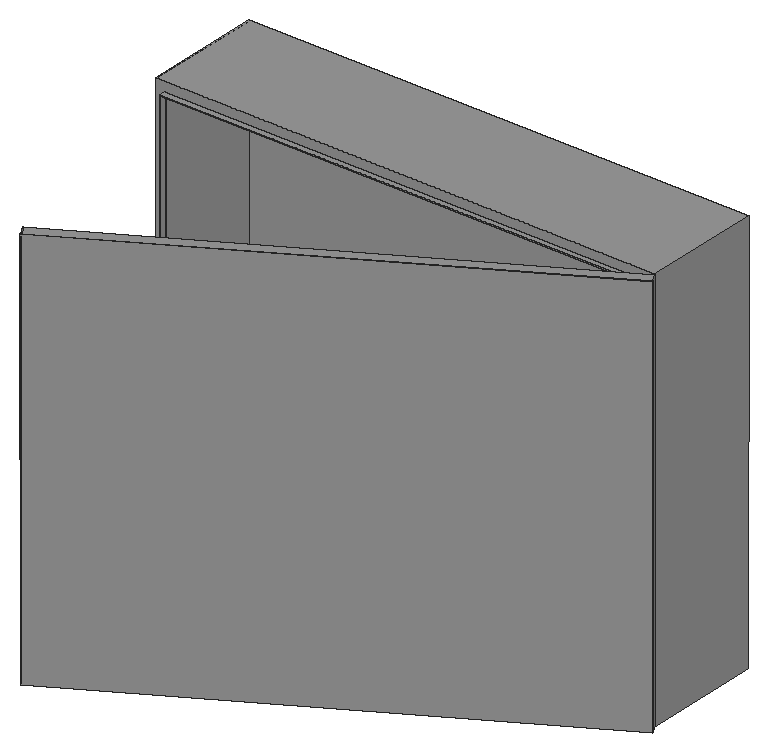
Revit family "Hager-Univers-IP54-D205-H650-Cl.I-Encl-NoHosted-CH-de", category Equipement électrique, Revit 2020
Family settings
  Configuration du panneau = Deux colonnes, circuits au sein
  Cote de connecteur circulaire = Utiliser le diamètre
  Type d'élément = Tableau de raccordement
  Basée sur le plan de construction = Oui
  Toujours verticalement = Oui
  Couper avec des vides une fois chargée = Non
  Partagée = Non
  Point de calcul de pièce = Non
Parameters (values of type "Aufputz IP54 B800 H650 T205  - FP43TW2")
  Width Control [instance] = if([EF000008 - Breite] > Min Width, [EF000008 - Breite], Min Width)  # 800 mm
  Commentaires du type = [HG000003 - Bereich]  # "Univers"
  Thickness Door [instance] = if([EF009171 - Materialstärke Tür/Deckel] > 3 mm, 3 mm, [EF009171 - Materialstärke Tür/Deckel])  # 1 mm
  Seal Frame Offset [instance] = 17 mm  # constant formula
  Plinth Visibility [instance] = [HG000027 - Sockelhöhe] > 0 mm  # no
  Min Width [instance] = 100 mm  # constant formula
  Min Depth [instance] = (2 * [EF009170 - Materialstärke Gehäuse]) + 1 mm  # 3 mm
  Min Height [instance] = 100 mm  # constant formula
  Internal Frame Depth [instance] = (Door System Depth * 0.5)  # 9 mm
  Panel Name [instance] = ""  # (empty or 0)
  Model = ""
  HG000027 - Sockelhöhe = 0 mm
  HG000026 - Stehend auf dem Boden = no
  HG000024 - Höhe des unteren Teils = 600 mm
  HG000023 - Gehäuse mit doppeltem Querschnitt = no
  HG000016 - 3D-Türsichtbarkeit [instance] = yes
  HG000015 - Sichtbarkeit der Türöffnung [instance] = no
  HG000014 - Tür rechts [instance] = yes
  HG000013 - Tür links [instance] = not([HG000014 - Tür rechts])  # no
  HG000012 - Türschwenkwinkel [instance] = 30.00°
  HG000010 - Asymmetrische Türen = no
  HG000009 - Doppelflügeligen Tür = no
  HG000006 - Unterputz = no
  HG000004 - Herstellerreferenz = "FP43TW2"
  HG000003 - Bereich = "Univers"
  HG000002 - Mit tür = yes
  Frame Offset Bottom [instance] = 10 mm  # constant formula
  Frame Offset [instance] = 15 mm  # constant formula
  EF015940 - Deckel mit Überdruckentlastung = no
  EF011959 - Schutzart (NEMA) = ""
  EF009554 - Anzahl der Öffnungen für Flanschplatten = 6
  EF009212 - Ausführung Deckel = "EV000116 - geschlossen"
  EF009171 - Materialstärke Tür/Deckel = 1 mm
  EF009170 - Materialstärke Gehäuse = 1 mm
  EF008873 - Nennstrom (In) = 250 A
  EF007800 - Geeignet für Blitzschutz = no
  EF006306 - Mit Schloss = no
  EF006244 - Transparenter Deckel/Tür = no
  EF005474 - Schutzart (IP) = "EV006419 - IP54"
  EF004464 - Art der Tür = "EV002646 - Einzel"
  EF004427 - Anzahl der Module = 144
  EF004293 - Schlagfestigkeit = "EV006815 - IK09"
  EF003532 - Geeignet für Außengebrauch = no
  EF002950 - Breite in Teilungseinheiten = 36
  EF001613 - Funktionserhalt = "EV000494 - ohne"
  EF001596 - Werkstoff des Gehäuses = "EV000179 - Stahl"
  EF001131 - Innentiefe = 205 mm
  EF001088 - Anbaumöglichkeit = yes
  EF000437 - Anzahl der Leitungseinführungen = 6
  EF000339 - Art der Abdeckung = "EV001012 - Deckel"
  EF000266 - Anzahl der Reihen = 4
  EF000218 - Einbautiefe = 205 mm
  EF000118 - Mit Montageplatte = no
  EF000116 - RAL-Nummer = "9010"
  EF000049 - Tiefe = 205 mm
  EF000040 - Höhe = 650 mm
  EF000008 - Breite = 800 mm
  EF000007 - Farbe = "EV000202 - weiß"
  EF000003 - Montageart = "EV000384 - Aufputz"
  Door System Leaf Tolerance [instance] = 1.5 mm  # constant formula
  Door System Depth [instance] = 18 mm  # constant formula
  Door Height [instance] = Height Control - [HG000027 - Sockelhöhe]  # 650 mm
  Description = ""
  Default Elevation = 1219.2 mm
  Connector Offset [instance] = Height Control / 2  # 325 mm
  Fabricant = "Hager"  # constant formula
  Height Control [instance] = if([EF000040 - Höhe] > Min Height, [EF000040 - Höhe], Min Height)  # 650 mm
  Depth Control [instance] = if([EF000049 - Tiefe] > Min Depth, [EF000049 - Tiefe], Min Depth)  # 205 mm
  Bottom Top Plate Trim [instance] = 1.5 mm  # constant formula
  Plinth height Ctrl [instance] = if([HG000027 - Sockelhöhe] > 0 mm, [HG000027 - Sockelhöhe], 12 mm)  # 12 mm
Types (5, lengths in mm): name | Width Control | HG000004 - Herstellerreferenz | EF009554 - Anzahl der Öffnungen für Flanschplatten | EF004464 - Art der Tür | EF004427 - Anzahl der Module | EF002950 - Breite in Teilungseinheiten | EF000437 - Anzahl der Leitungseinführungen | EF000008 - Breite
  Aufputz IP54 B1050 H650 T205  - FP44TW2 | 1050 | "FP44TW2" | 8 | "EV003602 - Doppel" | 192 | 48 | 8 | 1050
  Aufputz IP54 B1300 H650 T205  - FP45TW2 | 1300 | "FP45TW2" | 10 | "EV003602 - Doppel" | 240 | 60 | 10 | 1300
  Aufputz IP54 B300 H650 T205  - FP41TW2 | 300 | "FP41TW2" | 2 | "EV002646 - Einzel" | 48 | 12 | 2 | 300
  Aufputz IP54 B550 H650 T205  - FP42TW2 | 550 | "FP42TW2" | 4 | "EV002646 - Einzel" | 96 | 24 | 4 | 550
  Aufputz IP54 B800 H650 T205  - FP43TW2 | 800 | "FP43TW2" | 6 | "EV002646 - Einzel" | 144 | 36 | 6 | 800
Reference planes
  plane 1 "Center (Front/Back)": y = 0
  plane 2: z = 0
  plane 3 "Center (Left/Right)": x = 0
  plane 4: y = 0
  plane 5: y = 0
  plane 6: z = 0
  plane 7: x = -400
  plane 8: x = 400
  plane 9: x = 399
  plane 10: x = -399
  plane 11: z = 0
  plane 12: z = 1
  plane 13: y = -205
  plane 14: y = -1
  plane 15: x = 0
  plane 16: y = -187
  plane 17: y = -204
  plane 18: y = -186
  plane 19: x = -384
  plane 20: x = 384
  plane 21: z = 11
  plane 22: x = -383
  plane 23: x = 383
  plane 24: z = 0
  plane 25: z = 650
  plane 26: z = 650
  plane 27: z = 634
  plane 28: z = 649
Forms (mm)
  Extrusion 1, solid, material "Hager_Steel_RAL7035_Light_Grey", detail levels medium+fine
    sketch origin (-208.679, -4572, 0) x (-1, 0, 0) y (0, -1, 0)
      loop
        line (191.321, -4385) -> (-608.679, -4385) -> (-608.679, -4572) -> (191.321, -4572) -> (191.321, -4385)
    from 0 to 650
  Extrusion 2, void
    sketch origin (-350.771, -205, 1219.2) x (1, 0, 0) y (0, 0, 1)
      loop
        line (-48.229, -570.2) -> (-48.229, -1218.2) -> (749.771, -1218.2) -> (749.771, -570.2) -> (-48.229, -570.2)
    from -19 to -204
  Extrusion 3, void
    sketch origin (-290.084, -187, 1219.2) x (1, 0, 0) y (0, 0, 1)
      loop
        line (-93.916, -1208.2) -> (674.084, -1208.2) -> (674.084, -585.2) -> (-93.916, -585.2) -> (-93.916, -1208.2)
    from 0 to -1
  Extrusion 4, solid, material "Hager_Steel_RAL7035_Light_Grey", visible <- "Plinth Visibility", detail levels medium+fine
    sketch origin (0, 0, 0) x (1, 0, 0) y (0, 1, 0)
      loop
        line (-400, 0) -> (-400, -187) -> (400, -187) -> (400, 0) -> (-400, 0)
    from 0 to 12 <- "Plinth height Ctrl"
  Extrusion 5, solid, material "Hager_Steel_RAL7035_Light_Grey", detail levels coarse
    sketch origin (0, 0, 0) x (1, 0, 0) y (0, 1, 0)
      loop
        line (-400, 0) -> (-400, -205) -> (400, -205) -> (400, 0) -> (-400, 0)
    from 0 to 650 <- "Height Control"
  Sweep 6, void
    path in 3D
      loop
        line (-400, -187, 12) -> (400, -187, 12) -> (400, 0, 12) -> (-400, 0, 12) -> (-400, -187, 12)
    profile origin (-400, -93.5, 12) x (1, 0, 0) y (0, 0, 1)
      loop
        line (0, 0) -> (0, -1.5) -> (1.5, -1.5)
        arc (1.5, -1.5) -> (1.061, -0.439) -> (0, 0) r 1.5
  Extrusion 7, solid, material "Hager_Steel_RAL7035_Light_Grey", detail levels fine
    sketch origin (-400, -187, 0) x (1, 0, 0) y (0, 0, 1)
      loop
        line (16, 11) -> (784, 11) -> (784, 634) -> (16, 634) -> (16, 11)
      loop
        line (15, 10) -> (785, 10) -> (785, 635) -> (15, 635) -> (15, 10)
    from 0 to 9 <- "Internal Frame Depth"
Cuts and joins
  Extrusion 2, Extrusion 3 cuts Extrusion 1
  Sweep 6 cuts Extrusion 4
Lines and regions (mm)
  Masking region 1
    outline origin (0, 0, 0) x (1, 0, 0) y (0, 1, 0)
      loop
        line (-400, 0) -> (-400, -205) -> (400, -205) -> (400, 0) -> (-400, 0)
  Masking region 2, detail levels coarse
    outline origin (-290.084, -187, 1219.2) x (-1, 0, 0) y (0, 0, 1)
      loop
        line (-690.084, -1219.2) -> (109.916, -1219.2) -> (109.916, -569.2) -> (-690.084, -569.2) -> (-690.084, -1219.2)
  Masking region 3, detail levels coarse
    outline origin (0, 0, 0) x (0, 1, 0) y (0, 0, 1)
      loop
        line (0, 0) -> (0, 650) -> (-205, 650) -> (-205, 0) -> (0, 0)
  Masking region 4, visible <- "Plinth Visibility", detail levels medium+fine
    outline origin (0, 0, 0) x (0, 1, 0) y (0, 0, 1)
      loop
        line (-1.5, 12) -> (-185.5, 12)
        arc (-185.5, 12) -> (-185.939, 10.939) -> (-187, 10.5) r 1.5
        line (-187, 10.5) -> (-187, 0) -> (0, 0) -> (0, 10.5)
        arc (0, 10.5) -> (-1.061, 10.939) -> (-1.5, 12) r 1.5
  Masking region 5, detail levels medium+fine
    outline origin (0, 0, 594.038) x (0, 1, 0) y (0, 0, 1)
      loop
        line (0, -594.038) -> (0, 55.962) -> (-187, 55.962) -> (-187, -594.038) -> (0, -594.038)
  Masking region 6, detail levels medium+fine
    outline origin (-359.7, -187, 1211.883) x (-1, 0, 0) y (0, 0, 1)
      loop
        line (-759.7, -1211.883) -> (40.3, -1211.883) -> (40.3, -561.883) -> (-759.7, -561.883) -> (-759.7, -1211.883)
  Masking region 7, visible <- "Plinth Visibility", detail levels medium+fine
    outline origin (-320.334, -187, 1041.368) x (-1, 0, 0) y (0, 0, 1)
      loop
        line (-720.334, -1041.368) -> (79.666, -1041.368) -> (79.666, -1030.868)
        arc (79.666, -1030.868) -> (78.606, -1030.429) -> (78.166, -1029.368) r 1.5
        line (78.166, -1029.368) -> (-718.834, -1029.368)
        arc (-718.834, -1029.368) -> (-719.273, -1030.429) -> (-720.334, -1030.868) r 1.5
        line (-720.334, -1030.868) -> (-720.334, -1041.368)
  sketch lines
    curve 1: line (-400, 0, 12) -> (-400, -187, 12)
    curve 2: line (-400, -187, 12) -> (400, -187, 12)
    curve 3: line (400, 0, 12) -> (-400, 0, 12)
    curve 4: line (400, -187, 12) -> (400, 0, 12)
Dimensions and locks
  locked: plane 1 "Center (Front/Back)" to plane 5
  "EF009170 - Materialstärke Gehäuse": plane 7 to plane 10
  "EF009170 - Materialstärke Gehäuse": plane 8 to plane 9
  equal spacing: plane 7, plane 3 "Center (Left/Right)", plane 8
  "Width Control": plane 7 to plane 8
  "Depth Control": plane 4 to plane 13
  "EF009170 - Materialstärke Gehäuse": plane 4 to plane 14
  "Height Control": plane 25 to level
  "HG000027 - Sockelhöhe": plane 11 to level
  "EF009170 - Materialstärke Gehäuse": plane 12 to plane 11
  "EF009170 - Materialstärke Gehäuse": plane 17 to plane 13
  "EF009170 - Materialstärke Gehäuse": plane 18 to plane 16
  "Frame Offset Bottom": plane 21 to plane 12
  "Frame Offset": plane 10 to plane 19
  "Frame Offset": plane 9 to plane 20
  "Door System Depth": plane 16 to plane 13
  "Seal Frame Offset": plane 7 to plane 22
  "Seal Frame Offset": plane 8 to plane 23
  "EF009170 - Materialstärke Gehäuse": plane 26 to plane 28
  "Frame Offset": plane 28 to plane 27
  "Connector Offset": plane 2 to connector elem
  "Bottom Top Plate Trim": profile plane to Sweep 6 sketch curve
  "Bottom Top Plate Trim": Sweep 6 sketch curve to Sweep 6 sketch curve
  "Plinth height Ctrl": Masking region 4 sketch curve to level
  "Plinth height Ctrl": Masking region 7 sketch curve to level
  "Thickness Door": Extrusion 7 sketch curve to Extrusion 7 sketch curve  (x4)
  "Bottom Top Plate Trim": radius of Sweep 6 sketch curve
  "Bottom Top Plate Trim": radius of Masking region 4 sketch curve  (x2)
  "Bottom Top Plate Trim": radius of Masking region 7 sketch curve  (x2)
  aligned and locked: Extrusion 2 sketch curve to plane 12
  aligned and locked: Extrusion 2 sketch curve to plane 9
  aligned and locked: Extrusion 2 sketch curve to plane 10
  aligned and locked: Extrusion 2 to plane 14
  aligned and locked: Extrusion 1 sketch curve to plane 4
  aligned and locked: plane 8 to Extrusion 1 sketch curve
  aligned and locked: plane 7 to Extrusion 1 sketch curve
  aligned and locked: Extrusion 2 to plane 18
  aligned and locked: Extrusion 3 sketch curve to plane 19
  aligned and locked: plane 20 to Extrusion 3 sketch curve
  aligned and locked: Extrusion 3 to Extrusion 2
  aligned and locked: Extrusion 3 sketch curve to plane 21
  aligned and locked: plane 3 "Center (Left/Right)" to nested 1
  aligned and locked: Extrusion 1 sketch curve to plane 16
  aligned and locked: Extrusion 4 sketch curve to cut or joined group of Extrusion 1, Extrusion 2, Extrusion 3
  aligned and locked: Masking region 1 sketch curve to plane 7
  aligned and locked: Masking region 1 sketch curve to plane 5
  aligned and locked: Masking region 1 sketch curve to plane 8
  aligned and locked: Masking region 2 sketch curve to level
  aligned and locked: level to Masking region 3 sketch curve
  aligned and locked: plane 1 "Center (Front/Back)" to Masking region 3 sketch curve
  aligned and locked: plane 13 to Masking region 3 sketch curve
  aligned and locked: plane 5 to Masking region 4 sketch curve
  aligned and locked: Masking region 2 sketch curve to plane 8
  aligned and locked: Masking region 2 sketch curve to plane 7
  aligned and locked: plane 7 to nested 2
  aligned and locked: nested 2 to plane 5
  aligned and locked: plane 5 to Masking region 5 sketch curve
  aligned and locked: plane 26 to Masking region 5 sketch curve
  aligned and locked: Extrusion 5 sketch curve to plane 8
  aligned and locked: Extrusion 5 sketch curve to plane 7
  aligned and locked: Extrusion 5 sketch curve to plane 5
  aligned and locked: Extrusion 3 sketch curve to plane 27
  aligned and locked: Extrusion 2 sketch curve to plane 28
  aligned and locked: Masking region 2 to plane 25
  aligned and locked: Extrusion 4 to plane 16
  aligned and locked: profile plane to Sweep 6 sketch curve
  aligned and locked: Masking region 5 sketch curve to plane 24
  aligned and locked: level to Masking region 4 sketch curve
  aligned and locked: Masking region 1 to plane 13
  aligned and locked: nested 1 to plane 16
  aligned and locked: Masking region 3 to plane 25
  aligned and locked: plane 16 to Masking region 4 sketch curve
  aligned and locked: Masking region 5 sketch curve to plane 16
  aligned and locked: plane 24 to plane 11
  aligned and locked: plane 26 to plane 25
  aligned and locked: plane 26 to cut or joined group of Extrusion 1, Extrusion 2, Extrusion 3
  aligned and locked: nested 1 to plane 24
  aligned and locked: Extrusion 1 to Extrusion 3
  aligned and locked: Masking region 6 sketch curve to plane 8
  aligned and locked: Masking region 6 sketch curve to plane 24
  aligned and locked: Masking region 6 sketch curve to plane 7
  aligned and locked: Masking region 6 sketch curve to plane 26
  aligned and locked: Masking region 7 sketch curve to plane 7
  aligned and locked: level to Masking region 7 sketch curve
  aligned and locked: Masking region 7 sketch curve to plane 8
  aligned and locked: Extrusion 7 sketch curve to cut or joined group of Extrusion 1, Extrusion 2, Extrusion 3  (x4)
Automatic sketch dimensions
  plane 19 to Extrusion 3 sketch curve = 0 mm
  Extrusion 3 sketch curve to plane 20 = 0 mm
  Extrusion 3 sketch curve to plane 21 = 0 mm
  Extrusion 4 sketch curve to plane 7 = 0 mm
  Extrusion 4 sketch curve to plane 8 = 0 mm
  Extrusion 4 sketch curve to plane 16 = 0 mm
  Masking region 1 sketch curve to plane 13 = 0 mm
  Masking region 2 sketch curve to plane 25 = 0 mm
  Masking region 3 sketch curve to plane 25 = 0 mm
  Extrusion 5 sketch curve to plane 13 = 0 mm
  profile plane to Sweep 6 sketch curve = 0 mm
Nested families
  nested 1: "EC000058_Univers_Door" at (0, -187, 0), Double <- "HG000009 - Doppelflügeligen Tür", Transparent <- "EF006244 - Transparenter Deckel/Tür", Angle <- "HG000012 - Türschwenkwinkel", Door_Right <- "HG000014 - Tür rechts", Assymetrical <- "HG000010 - Asymmetrische Türen", Door <- "HG000002 - Mit tür", Width_Ctrl <- "Width Control", 3d_Door <- "HG000016 - 3D-Türsichtbarkeit", Clearance <- "HG000015 - Sichtbarkeit der Türöffnung", Door_Left <- "HG000013 - Tür links", Width <- "Width Control", Door_Depth <- "Door System Depth", Leaf_Tolerance <- "Door System Leaf Tolerance", Height <- "Door Height", Lock_Visibility <- "EF006306 - Mit Schloss", Thickness <- "Thickness Door", type "EC000058_Univers_Door", detail levels medium+fine
    with min_wh 3 mm, Width_Ctrl 800 mm, Width 800 mm, Transparent no, Thickness 1 mm, Seal_Material Hager_Rubber, Lock_Visibility no, Lock_Material Hager_Plastic_RAL9005_Jet_Black, Leaf_Width 800 mm, Leaf_Tolerance_External_Sides 0 mm, Leaf_Tolerance 1.5 mm, Leaf_Offset 0 mm, Leaf_Height 647 mm, Leaf_2_Width 800 mm, Leaf_2_Offset 400 mm, Leaf_1_Width 800 mm, Leaf_1_Offset 400 mm, Height_Ctrl 650 mm, Height 650 mm, Glass_Material Hager_Glass, Double_Clearance_Ctrl no, Double no, Door_Right_Ctrl yes, Door_Right yes, Door_Material Hager_Steel_RAL7035_Light_Grey, Door_Left_Ctrl no, Door_Left no, Door_Depth 18 mm, Door yes, Clearance_Material Hager_Clearance, Clearance_Depth 800 mm, Clearance_Ctrl no, Clearance no, Assymetrical no, Angle 30.00°, 3d_Door yes
  nested 2: "Hager_Enclosure_Symbol" at (-400, 0, 0), Height <- "Depth Control", Width <- "Width Control", type "Hager_Enclosure_Symbol"
    with Width_Ctrl 800 mm, Width 800 mm, Height_Ctrl 205 mm, Height 205 mm, A_Width_Int 13.453 mm, A_Width 161.438 mm, A_Height_Ctrl 179.375 mm, A_Height 179.375 mm
Connectors
  electrical at (0, 0, 325)
    settings: on plane 1 "Center (Front/Back)", index 1, voltage 0 V, apparent load 0 VA, apparent load phase1 0 VA, apparent load phase2 0 VA, apparent load phase3 0 VA, power factor 1, load classification "Other", number of poles 1, system type 30, power factor state 1, is connector primary yes, connector utility no, sub classification motor no, connector description ""
Definition of nested family "EC000058_Univers_Door"
  Parameters (values of type "EC000058_Univers_Door")
    min_wh [instance] = (2 * Thickness) + 1 mm  # 11 mm
    Width_Ctrl [instance] = 400 mm
    Width [instance] = 500 mm
    Transparent [instance] = yes
    Thickness [instance] = 5 mm
    Seal_Material [instance] = none
    Lock_Visibility [instance] = yes
    Lock_Material [instance] = none
    Leaf_Width [instance] = if((Width_Ctrl - 2 * Leaf_Tolerance_External_Sides) > 0 mm, (Width_Ctrl - 2 * Leaf_Tolerance_External_Sides), min_wh)  # 400 mm
    Leaf_Tolerance_External_Sides [instance] = 0 mm  # constant formula
    Leaf_Tolerance [instance] = 1.5 mm
    Leaf_Offset [instance] = 0 mm  # constant formula
    Leaf_Height [instance] = if((Height_Ctrl - 2 * Leaf_Tolerance) > 0 mm, (Height_Ctrl - 2 * Leaf_Tolerance), min_wh)  # 497 mm
    Leaf_2_Width [instance] = if(and(and(Double, Assymetrical), Door_Left), (Leaf_Width / 3) - (Leaf_Tolerance / 2), if(and(and(Double, Assymetrical), Door_Right), (Leaf_Width / 3) * 2 - (Leaf_Tolerance / 2), if(and(Double, not(Assymetrical)), (Leaf_Width / 2) - Leaf_Tolerance, Leaf_Width)))  # 400 mm
    Leaf_2_Offset [instance] = if(and(Double, Assymetrical), Leaf_2_Width / 2, if(and(Double, not(Assymetrical)), Leaf_Width / 4, Leaf_Width / 2))  # 200 mm
    Leaf_1_Width [instance] = if(and(and(Double, Assymetrical), Door_Right), (Leaf_Width / 3) - (Leaf_Tolerance / 2), if(and(and(Double, Assymetrical), Door_Left), (Width / 3) * 2 - (Leaf_Tolerance / 2), if(and(Double, not(Assymetrical)), (Leaf_Width / 2) - Leaf_Tolerance, Leaf_Width)))  # 400 mm
    Leaf_1_Offset [instance] = if(and(Double, Assymetrical), Leaf_1_Width / 2, if(and(Double, not(Assymetrical)), Leaf_Width / 4, Leaf_Width / 2))  # 200 mm
    Height_Ctrl [instance] = if(Height > min_wh, Height, min_wh)  # 500 mm
    Height [instance] = 500 mm
    Glass_Material [instance] = none
    Double_Clearance_Ctrl [instance] = and(Double, Clearance)  # no
    Double [instance] = no
    Door_Right_Ctrl [instance] = and(or(Door_Right, Double), Door)  # yes
    Door_Right [instance] = yes
    Door_Material [instance] = none
    Door_Left_Ctrl [instance] = and(or(Door_Left, Double), Door)  # no
    Door_Left [instance] = no
    Door_Depth [instance] = 30 mm
    Door [instance] = yes
    Default Elevation = 1219.2 mm
    Clearance_Material [instance] = none
    Clearance_Depth [instance] = if(Leaf_1_Width > Leaf_2_Width, Leaf_1_Width, Leaf_2_Width)  # 400 mm
    Clearance_Ctrl [instance] = and(not(Double), Clearance)  # yes
    Clearance [instance] = yes
    Assymetrical [instance] = yes
    Angle [instance] = 30.00°
    3d_Door [instance] = yes
  Reference planes
    plane 1 "Center (Front/Back)": y = 0
    plane 2 "Bottom": z = 0
    plane 3 "Center (Left/Right)": x = 0
    plane 4: z = 500
    plane 5: x = -200
    plane 6: x = 200
    plane 7: z = 500
    plane 8: x = -200
    plane 9: z = 0
    plane 10: x = 200
    plane 11: y = 0
    plane 12: z = 1.5
    plane 13: x = -600
    plane 14: y = -400
    plane 15: x = 600
    plane 16: x = 0
    plane 17: x = 0
    plane 18: x = -200
    plane 19: x = 200
    plane 20: z = 498.5
  Forms (mm)
    Extrusion 1, solid, material <- "Clearance_Material", visible <- "Double_Clearance_Ctrl"
      sketch origin (1200, 0, 0) x (1, 0, 0) y (0, 0, -1)
        loop
          line (-1800, -498.5) -> (-600, -498.5) -> (-600, 0) -> (-1800, 0) -> (-1800, -498.5)
      from 0 to -400
  Dimensions and locks
    equal spacing: plane 5, plane 3 "Center (Left/Right)", plane 6
    "Width_Ctrl": plane 5 to plane 6
    "Leaf_Offset": plane 5 to plane 8
    "Leaf_Offset": plane 6 to plane 10
    "Leaf_Offset": plane 9 to level
    "Leaf_Offset": plane 4 to plane 7
    "Height_Ctrl": plane 4 to level
    "Leaf_Tolerance": plane 12 to plane 9
    locked: plane 11 to plane 1 "Center (Front/Back)"
    "Leaf_1_Offset": plane 18 to plane 16
    "Leaf_2_Offset": plane 17 to plane 19
    "Leaf_1_Width": plane 13 to plane 8
    "Leaf_2_Width": plane 10 to plane 15
    "Clearance_Depth": plane 14 to plane 1 "Center (Front/Back)"
    "Leaf_Tolerance_External_Sides": plane 8 to plane 18
    "Leaf_Tolerance_External_Sides": plane 19 to plane 10
    "Leaf_Tolerance": plane 7 to plane 20
    aligned and locked: level to plane 2 "Bottom"
    aligned and locked: nested 1 to plane 16
    aligned and locked: nested 2 to plane 17
    aligned and locked: Extrusion 1 to plane 13
    aligned and locked: plane 15 to Extrusion 1
    aligned and locked: Extrusion 1 to plane 14
    aligned and locked: plane 12 to nested 1
    aligned and locked: nested 2 to plane 12
    aligned and locked: Extrusion 1 to plane 11
    aligned and locked: plane 20 to Extrusion 1
    aligned and locked: nested 2 to plane 11
    aligned and locked: nested 1 to plane 11
  Automatic sketch dimensions
    Extrusion 1 sketch curve to level = 0 mm
    plane 5 to Extrusion 1 sketch curve = 400 mm
    plane 6 to Extrusion 1 sketch curve = 400 mm
    Extrusion 1 sketch curve to plane 4 = 1.5 mm
  Nested families
    nested 1: "EC000058_Univers_Door_Leaf" at (0, 0, 1.5), Width <- "Leaf_1_Width", visible <- "Door_Left_Ctrl", Leaf_Height <- "Leaf_Height", Angle <- "Angle", 3d_Door <- "3d_Door", Transparent <- "Transparent", Clearance Material <- "Clearance_Material", Clearance <- "Clearance_Ctrl", Door_Material <- "Door_Material", Glass_Material <- "Glass_Material", Door_Depth <- "Door_Depth", Lock_Material <- "Lock_Material", Seal_Material <- "Seal_Material", Lock_Visibility <- "Lock_Visibility", Thickness <- "Thickness", type "EC000058_Univers_Door_Leaf"
      with Width 400 mm, Transparent_Glass_Offset 30 mm, Transparent_Ctrl yes, Transparent yes, Thickness 5 mm, Standard no, Seal_Material none, Seal_D2 8 mm, Seal_D1 1 mm, Offset_Internal_Frame 10 mm, Lock_Width 20 mm, Lock_Visibility_3d yes, Lock_Visibility yes, Lock_Thickness_3 3 mm, Lock_Thickness_2 1 mm, Lock_Thickness_1 3 mm, Lock_Radius_Offset_2 16 mm, Lock_Radius_Offset_1 15 mm, Lock_Radius_2 5 mm, Lock_Radius 6 mm, Lock_Offset 5 mm, Lock_Material none, Lock_Height 80 mm, Lock_Cover_Top_Offset_2d 17 mm, Lock_Cover_Height -65 mm, Leaf_Height 497 mm, Internal_Seal_Thickness 8 mm, Internal_Seal_Depth_2 4.5 mm, Internal_Frame_Depth 25 mm, Glass_Thickness -1 mm, Glass_Offset -2 mm, Glass_Material none, Door_Material none, Door_Depth 30 mm, Clearance Material none, Clearance yes, Angle_Ctrl 30.00°, Angle 30.00°, 3d_Door yes
    nested 2: "EC000058_Univers_Door_Leaf" at (0, 0, 1.5) x (-1, 0, 0) z (0, 0, 1), Width <- "Leaf_2_Width", visible <- "Door_Right_Ctrl", Leaf_Height <- "Leaf_Height", Angle <- "Angle", 3d_Door <- "3d_Door", Transparent <- "Transparent", Clearance Material <- "Clearance_Material", Clearance <- "Clearance_Ctrl", Door_Material <- "Door_Material", Glass_Material <- "Glass_Material", Door_Depth <- "Door_Depth", Lock_Material <- "Lock_Material", Seal_Material <- "Seal_Material", Lock_Visibility <- "Lock_Visibility", Thickness <- "Thickness", type "EC000058_Univers_Door_Leaf"
      with Width 400 mm, Transparent_Glass_Offset 30 mm, Transparent_Ctrl yes, Transparent yes, Thickness 5 mm, Standard no, Seal_Material none, Seal_D2 8 mm, Seal_D1 1 mm, Offset_Internal_Frame 10 mm, Lock_Width 20 mm, Lock_Visibility_3d yes, Lock_Visibility yes, Lock_Thickness_3 3 mm, Lock_Thickness_2 1 mm, Lock_Thickness_1 3 mm, Lock_Radius_Offset_2 16 mm, Lock_Radius_Offset_1 15 mm, Lock_Radius_2 5 mm, Lock_Radius 6 mm, Lock_Offset 5 mm, Lock_Material none, Lock_Height 80 mm, Lock_Cover_Top_Offset_2d 17 mm, Lock_Cover_Height -65 mm, Leaf_Height 497 mm, Internal_Seal_Thickness 8 mm, Internal_Seal_Depth_2 4.5 mm, Internal_Frame_Depth 25 mm, Glass_Thickness -1 mm, Glass_Offset -2 mm, Glass_Material none, Door_Material none, Door_Depth 30 mm, Clearance Material none, Clearance yes, Angle_Ctrl 30.00°, Angle 30.00°, 3d_Door yes
  Definition of nested family "EC000058_Univers_Door_Leaf"
    Parameters (values of type "EC000058_Univers_Door_Leaf")
      Width [instance] = 2000 mm
      Transparent_Glass_Offset [instance] = 30 mm
      Transparent_Ctrl [instance] = and(Transparent, [3d_Door])  # yes
      Transparent [instance] = yes
      Thickness [instance] = 5 mm
      Standard [instance] = and(not(Transparent), [3d_Door])  # no
      Seal_Material [instance] = none
      Seal_D2 [instance] = 8 mm  # constant formula
      Seal_D1 [instance] = 1 mm  # constant formula
      Offset_Internal_Frame [instance] = 10 mm  # constant formula
      Lock_Width [instance] = 20 mm  # constant formula
      Lock_Visibility_3d [instance] = and(Lock_Visibility, [3d_Door])  # yes
      Lock_Visibility [instance] = yes
      Lock_Thickness_3 [instance] = 3 mm  # constant formula
      Lock_Thickness_2 [instance] = 1 mm  # constant formula
      Lock_Thickness_1 [instance] = 3 mm  # constant formula
      Lock_Radius_Offset_2 [instance] = Lock_Radius_Offset_1 + 1 mm  # 16 mm
      Lock_Radius_Offset_1 [instance] = 15 mm  # constant formula
      Lock_Radius_2 [instance] = Lock_Radius - 1 mm  # 5 mm
      Lock_Radius [instance] = 6 mm  # constant formula
      Lock_Offset [instance] = 5 mm  # constant formula
      Lock_Material [instance] = none
      Lock_Height [instance] = 80 mm  # constant formula
      Lock_Cover_Top_Offset_2d [instance] = Lock_Radius_Offset_2 + 1 mm  # 17 mm
      Lock_Cover_Height [instance] = -(Lock_Height - Lock_Radius_Offset_1)  # -65 mm
      Leaf_Height [instance] = 2720.336 mm
      Internal_Seal_Thickness [instance] = 8 mm  # constant formula
      Internal_Seal_Depth_2 [instance] = 4.5 mm  # constant formula
      Internal_Frame_Depth [instance] = if(Door_Depth - Thickness > 5 mm, Door_Depth - Thickness, 5 mm)  # 25 mm
      Glass_Thickness [instance] = if(Thickness > 15 mm, Glass_Offset + 10 mm, -1 mm)  # -1 mm
      Glass_Offset [instance] = if(Thickness > 15 mm, -(Thickness + 10 mm) / 2, -2 mm)  # -2 mm
      Glass_Material [instance] = none
      Door_Material [instance] = none
      Door_Depth [instance] = 30 mm
      Default Elevation = 0 mm
      Clearance Material [instance] = none
      Clearance [instance] = yes
      Angle_Ctrl [instance] = if(Angle > 180.00°, 180.00°, Angle)  # 90.00°
      Angle [instance] = 90.00°
      3d_Door [instance] = yes
    Reference planes
      plane 1 "Center (Front/Back)": y = 0
      plane 2: z = 0
      plane 3 "Center (Left/Right)": x = 0
      plane 4: y = 2000
      plane 5: x = -1000
      plane 6: x = 1000
      plane 7: x = -3000
      plane 8: z = 2720.336
      plane 9: z = 30
      plane 10: z = 2690.336
      plane 11: x = 970
      plane 12: x = -970
      plane 13: y = -3
      plane 14: z = 107.833
      plane 15: y = -5
      plane 16: y = -223.314
      plane 17: x = -1000
      plane 18: z = 1360.168
      plane 19: y = 30
    Forms (mm)
      Extrusion 1, solid, material <- "Clearance Material", visible <- "Clearance"
        sketch origin (0, 0, 0) x (1, 0, 0) y (0, 0, 1)
          loop
            line (-3000, 2720.336) -> (-3000, 0) -> (1000, 0) -> (1000, 2720.336) -> (-3000, 2720.336)
        from 0 to -2000
      Extrusion 2, solid, material <- "Door_Material", visible <- "Standard", detail levels medium+fine
        sketch origin (-1000, 0, 0) x (0, 1, 0) y (-1, 0, 0)
          loop
            line (0, 30) -> (0, 25) -> (2000, 25) -> (2000, 30) -> (0, 30)
        from 0 to 2720.336 <- "Leaf_Height"
      Extrusion 3, solid, material <- "Door_Material", visible <- "Transparent_Ctrl", detail levels medium+fine
        sketch origin (-1000, 0, 0) x (0, 1, 0) y (-1, 0, 0)
          loop
            line (0, 25) -> (2000, 25) -> (2000, 30) -> (0, 30) -> (0, 25)
        from 0 to 2720.336 <- "Leaf_Height"
      Extrusion 4, void
        sketch origin (-1025, 2000, 0) x (0, 1, 0) y (0, 0, -1)
          loop
            line (-30, -2690.336) -> (-30, -30) -> (-1970, -30) -> (-1970, -2690.336) -> (-30, -2690.336)
        from 0 to 5 <- "Thickness"
      Sweep 5, solid, material <- "Seal_Material", visible <- "Transparent_Ctrl", detail levels fine
        path in 3D
          loop
            line (-1025, 30, 30) -> (-1025, 30, 2690.336) -> (-1025, 1970, 2690.336) -> (-1025, 1970, 30) -> (-1025, 30, 30)
        profile origin (-1025, 1000, 30) x (1, 0, 0) y (0, 0, 1)
          loop
            line (0, 0) -> (0, -8) -> (1, -8) -> (1, 0) -> (0, 0)
      Extrusion 6, solid, material <- "Glass_Material", visible <- "Transparent_Ctrl", detail levels medium+fine
        sketch origin (-1030, 0, 0) x (0, 1, 0) y (0, 0, -1)
          loop
            line (1970, -2690.336) -> (1970, -30) -> (30, -30) -> (30, -2690.336) -> (1970, -2690.336)
        from -2 <- "Glass_Offset" to -1 <- "Glass_Thickness"
      Extrusion 7, solid, material <- "Door_Material", visible <- "3d_Door", detail levels medium+fine
        sketch origin (-1025, 2000, 0) x (0, -1, 0) y (0, 0, -1)
          loop
            line (0, -2720.336) -> (2000, -2720.336) -> (2000, 0) -> (0, 0) -> (0, -2720.336)
          loop
            line (1995, -5) -> (5, -5) -> (5, -2715.336) -> (1995, -2715.336) -> (1995, -5)
        from 0 to 25 <- "Internal_Frame_Depth"
      Sweep 8, solid, material <- "Seal_Material", visible <- "Transparent_Ctrl", detail levels fine
        path in 3D
          loop
            line (-1025, 0, 0) -> (-1025, 2000, 0) -> (-1025, 2000, 2720.336) -> (-1025, 0, 2720.336) -> (-1025, 0, 0)
        profile origin (-1025, 0, 1360.168) x (1, 0, 0) y (0, 1, 0)
          loop
            line (0, 10) -> (2.975, 10)
            arc (2.975, 10) -> (4.053, 10.447) -> (4.5, 11.525) r 1.525
            line (4.5, 11.525) -> (4.5, 16.527)
            arc (4.5, 16.527) -> (4.069, 17.569) -> (3.027, 18) r 1.473
            line (3.027, 18) -> (0, 18) -> (0, 10)
      Extrusion 9, solid, material <- "Lock_Material", visible <- "Lock_Visibility_3d", detail levels fine
        sketch origin (-1030, 0, 0) x (0, 1, 0) y (0, 0, -1)
          loop
            arc (1993.5, -1400.168) -> (1994.561, -1399.729) -> (1995, -1398.668) r 1.5
            line (1995, -1398.668) -> (1995, -1320.168) -> (1975, -1320.168) -> (1975, -1398.668)
            arc (1975, -1398.668) -> (1975.439, -1399.729) -> (1976.5, -1400.168) r 1.5
            line (1976.5, -1400.168) -> (1993.5, -1400.168)
        from 3 <- "Lock_Thickness_1" to 0
      Blend 10, solid, material <- "Lock_Material", visible <- "Lock_Visibility_3d", detail levels fine
        base sketch origin (-1033, 0, 0) x (0, 1, 0) y (0, 0, -1)
          loop
            line (1975, -1320.168) -> (1975, -1398.668)
            arc (1975, -1398.668) -> (1975.439, -1399.729) -> (1976.5, -1400.168) r 1.5
            line (1976.5, -1400.168) -> (1993.5, -1400.168)
            arc (1993.5, -1400.168) -> (1994.561, -1399.729) -> (1995, -1398.668) r 1.5
            line (1995, -1398.668) -> (1995, -1320.168) -> (1975, -1320.168)
        top sketch origin (-1033, 0, 0) x (0, 1, 0) y (0, 0, -1)
          loop
            line (1976, -1320.168) -> (1976, -1398.668)
            arc (1976, -1398.668) -> (1976.146, -1399.022) -> (1976.5, -1399.168) r 0.5
            line (1976.5, -1399.168) -> (1993.5, -1399.168)
            arc (1993.5, -1399.168) -> (1993.854, -1399.022) -> (1994, -1398.668) r 0.5
            line (1994, -1398.668) -> (1994, -1320.168) -> (1976, -1320.168)
        from 0 to 1 <- "Lock_Thickness_2"
      Blend 11, solid, material <- "Lock_Material", visible <- "Lock_Visibility_3d", detail levels fine
        base sketch origin (-1034, 0, 0) x (0, 1, 0) y (0, 0, -1)
          loop
            line (1978, -1320.168) -> (1978, -1384.168)
            arc (1978, -1384.168) -> (1985, -1391.168) -> (1992, -1384.168) r 7
            line (1992, -1384.168) -> (1992, -1320.168) -> (1978, -1320.168)
        top sketch origin (-1034, 0, 0) x (0, 1, 0) y (0, 0, -1)
          loop
            line (1991, -1320.168) -> (1979, -1320.168) -> (1979, -1383.168)
            arc (1979, -1383.168) -> (1985, -1389.168) -> (1991, -1383.168) r 6
            line (1991, -1383.168) -> (1991, -1320.168)
        from 0 to 3 <- "Lock_Thickness_3"
      Extrusion 12, solid, material <- "Lock_Material", visible <- "Lock_Visibility_3d", detail levels fine
        sketch origin (-1030, 1975, 1320.168) x (1, 0, 0) y (0, -1, 0)
          loop
            line (-7, -19) -> (-7, -1) -> (0, -1) -> (0, 0) -> (-8, 0) -> (-8, -20) -> (0, -20) -> (0, -19) -> (-7, -19)
        from 0 to -65 <- "Lock_Cover_Height"
      Extrusion 13, void
        sketch origin (-1038, 1995, 1320.168) x (-1, 0, 0) y (0, 0, -1)
          loop
            line (-5, -65) -> (0, -65) -> (-5, -60) -> (-5, -65)
        from 0 to 20 <- "Lock_Width"
      Extrusion 14, void
        sketch origin (-1038, 1975, 1320.168) x (0, -1, 0) y (0, 0, -1)
          loop
            circle (-10, -15.995) r 6
          loop
            circle (-10, -15.995) r 5
        from 0 to 2
      Extrusion 15, solid, material <- "Lock_Material", visible <- "Lock_Visibility_3d", detail levels medium
        sketch origin (-1030, 0, 0) x (0, 1, 0) y (0, 0, -1)
          loop
            arc (1993.5, -1400.168) -> (1994.561, -1399.729) -> (1995, -1398.668) r 1.5
            line (1995, -1398.668) -> (1995, -1320.168) -> (1975, -1320.168) -> (1975, -1398.668)
            arc (1975, -1398.668) -> (1975.439, -1399.729) -> (1976.5, -1400.168) r 1.5
            line (1976.5, -1400.168) -> (1993.5, -1400.168)
        from 8 to 0
    Cuts and joins
      Extrusion 4 cuts Extrusion 3
      Extrusion 13, Extrusion 14 cuts Extrusion 9
      Extrusion 14 cuts Blend 11
      Extrusion 13, Extrusion 14 cuts Extrusion 12
      joined: Extrusion 9, Blend 10, Blend 11, Extrusion 12
      Extrusion 14 cuts Extrusion 15
    Lines and regions (mm)
      Masking region 1, visible <- "Lock_Visibility", detail levels fine
        outline origin (0, 0, 0) x (0, 1, 0) y (0, 0, 1)
          loop
            line (30, 1320.168) -> (33, 1320.168) -> (33, 1400.168) -> (30, 1400.168) -> (30, 1320.168)
      Masking region 2, visible <- "Lock_Visibility", detail levels fine
        outline origin (0, 3.143, 0) x (0, 1, 0) y (0, 0, 1)
          loop
            line (29.857, 1354.168) -> (30.857, 1354.168) -> (30.857, 1366.168) -> (29.857, 1366.168) -> (29.857, 1354.168)
      Masking region 3, detail levels medium+fine
        outline origin (0, 0, 0) x (0, 1, 0) y (0, 0, 1)
          loop
            line (0, 0) -> (30, 0) -> (30, 2720.336) -> (0, 2720.336) -> (0, 0)
      Masking region 4, detail levels medium+fine
        outline origin (0, 0, 0) x (1, 0, 0) y (0, 0, 1)
          loop
            line (-1000, 2720.336) -> (-1000, 0) -> (1000, 0) -> (1000, 2720.336) -> (-1000, 2720.336)
      Masking region 5, visible <- "Lock_Visibility", detail levels fine
        outline origin (-47.116, 0, 0) x (1, 0, 0) y (0, 0, 1)
          loop
            arc (1024.616, 1399.168) -> (1023.556, 1398.729) -> (1023.116, 1397.668) r 1.5
            line (1023.116, 1397.668) -> (1023.116, 1320.168) -> (1041.116, 1320.168) -> (1041.116, 1397.668)
            arc (1041.116, 1397.668) -> (1040.677, 1398.729) -> (1039.616, 1399.168) r 1.5
            line (1039.616, 1399.168) -> (1024.616, 1399.168)
      Masking region 6, visible <- "Lock_Visibility", detail levels medium+fine
        outline origin (-25, 0, 0) x (1, 0, 0) y (0, 0, 1)
          loop
            arc (1001.5, 1400.168) -> (1000.439, 1399.729) -> (1000, 1398.668) r 1.5
            line (1000, 1398.668) -> (1000, 1320.168) -> (1020, 1320.168) -> (1020, 1398.668)
            arc (1020, 1398.668) -> (1019.561, 1399.729) -> (1018.5, 1400.168) r 1.5
            line (1018.5, 1400.168) -> (1001.5, 1400.168)
      Masking region 7, visible <- "Lock_Visibility", detail levels fine
        outline origin (-73.735, 0, 0) x (1, 0, 0) y (0, 0, 1)
          loop
            line (1051.735, 1382.168) -> (1065.735, 1382.168) -> (1065.735, 1384.168)
            arc (1065.735, 1384.168) -> (1058.735, 1391.168) -> (1051.735, 1384.168) r 7
            line (1051.735, 1384.168) -> (1051.735, 1382.168)
      Masking region 8, visible <- "Lock_Visibility", detail levels fine
        outline origin (-73.735, 0, 0) x (1, 0, 0) y (0, 0, 1)
          loop
            line (1052.735, 1382.168) -> (1064.735, 1382.168) -> (1064.735, 1383.168)
            arc (1064.735, 1383.168) -> (1058.735, 1389.168) -> (1052.735, 1383.168) r 6
            line (1052.735, 1383.168) -> (1052.735, 1382.168)
      Masking region 9, visible <- "Lock_Visibility", detail levels fine
        outline origin (-25, 0, 0) x (1, 0, 0) y (0, 0, 1)
          loop
            line (1020, 1320.168) -> (1020, 1382.168) -> (1000, 1382.168) -> (1000, 1320.168) -> (1020, 1320.168)
      Masking region 10, detail levels medium+fine
        outline origin (0, 0, 0) x (1, 0, 0) y (0, 0, 1)
          loop
            circle (985, 1335.144) r 6
      Masking region 11, detail levels fine
        outline origin (0, 0, 0) x (1, 0, 0) y (0, 0, 1)
          loop
            circle (985, 1335.144) r 5
      Masking region 12, visible <- "Lock_Visibility", detail levels fine
        outline origin (0, 12.767, 0) x (0, 1, 0) y (0, 0, 1)
          loop
            line (20.233, 1320.168) -> (21.233, 1320.168) -> (21.233, 1399.168) -> (20.233, 1400.168) -> (20.233, 1320.168)
      Masking region 13, visible <- "Lock_Visibility", detail levels fine
        outline origin (0, 13.767, -10) x (0, 1, 0) y (0, 0, 1)
          loop
            line (20.233, 1330.168) -> (23.233, 1330.168) -> (23.233, 1399.168) -> (20.233, 1402.168) -> (20.233, 1330.168)
      Masking region 14, visible <- "Lock_Visibility", detail levels fine
        outline origin (0, 12.767, -10) x (0, 1, 0) y (0, 0, 1)
          loop
            line (20.233, 1330.168) -> (25.233, 1330.168) -> (25.233, 1399.305) -> (20.233, 1394.305) -> (20.233, 1330.168)
      Masking region 15, visible <- "Lock_Visibility", detail levels medium
        outline origin (0, 0, 0) x (0, 1, 0) y (0, 0, 1)
          loop
            line (30, 1320.168) -> (38, 1320.168) -> (38, 1400.168) -> (30, 1400.168) -> (30, 1320.168)
      Masking region 16, visible <- "Lock_Visibility", detail levels fine
        outline origin (-1000, 0, 0) x (0, 1, 0) y (-1, 0, 0)
          loop
            line (1975, 30) -> (1995, 30) -> (1995, 38) -> (1975, 38) -> (1975, 30)
          loop
            line (1979, 37) -> (1976, 37) -> (1976, 34) -> (1978, 34) -> (1979, 37)
          loop
            line (1994, 37) -> (1991, 37) -> (1992, 34) -> (1994, 34) -> (1994, 37)
      Masking region 17, visible <- "Lock_Visibility", detail levels medium
        outline origin (-1000, 0, 0) x (0, 1, 0) y (-1, 0, 0)
          loop
            line (1975, 30) -> (1995, 30) -> (1995, 38) -> (1975, 38) -> (1975, 30)
      symbolic lines
        curve 1: line (1000, 0, 0) -> (-3000, 0, 0)
        curve 2: arc (1000, 0, 0) -> (-1000, 2000, 0) -> (-3000, 0, 0) r 2000
        curve 4: line (-1030, 0, 0) -> (-1030, 2000, 0)
      reference lines
        curve 3: line (-1000, 0, 0) -> (-1000, 2000, 0)
      symbolic lines, detail levels medium+fine
        curve 5: line (-1030, 2000, 0) -> (-1025, 2000, 0)
        curve 7: line (-1025, 0, 0) -> (-1030, 0, 0)
        curve 8: line (-1025, 0, 0) -> (-1000, 0, 0)
        curve 9: line (-1000, 0, 0) -> (-1000, 2000, 0)
        curve 10: line (-1000, 2000, 0) -> (-1025, 2000, 0)
      symbolic lines, detail levels fine
        curve 6: line (-1025, 2000, 0) -> (-1025, 0, 0)
      sketch lines
        curve 11: line (-1025, 0, 2720.336) -> (-1025, 0, 0)
        curve 12: line (-1025, 2000, 0) -> (-1025, 0, 0)
        curve 13: line (-1025, 2000, 2720.336) -> (-1025, 2000, 0)
        curve 14: line (-1025, 0, 2720.336) -> (-1025, 2000, 2720.336)
        curve 15: line (-1025, 1970, 30) -> (-1025, 30, 30)
        curve 16: line (-1025, 30, 30) -> (-1025, 30, 2690.336)
        curve 17: line (-1025, 1970, 2690.336) -> (-1025, 1970, 30)
        curve 18: line (-1025, 30, 2690.336) -> (-1025, 1970, 2690.336)
      symbolic lines, visible <- "Transparent", detail levels medium+fine
        curve 19: line (-970, 0, 2690.336) -> (970, 0, 2690.336)
        curve 20: line (-970, 0, 30) -> (-970, 0, 2690.336)
        curve 21: line (970, 0, 30) -> (-970, 0, 30)
        curve 22: line (970, 0, 2690.336) -> (970, 0, 30)
    Dimensions and locks
      "Width": plane 1 "Center (Front/Back)" to plane 4
      equal spacing: plane 5, plane 3 "Center (Left/Right)", plane 6
      "Width": plane 5 to plane 6
      "Width": plane 7 to plane 5
      "Leaf_Height": plane 8 to level
      "Width": curve 5 to curve 3
      "Width": curve 3 to curve 3
      plane 8 to plane 10 = 30 mm
      plane 9 to level = 30 mm
      plane 12 to plane 5 = 30 mm
      plane 6 to plane 11 = 30 mm
      Extrusion 1 to Extrusion 4 sketch curve = 30 mm
      "Transparent_Glass_Offset": curve 3 to Extrusion 4 sketch curve
      "Transparent_Glass_Offset": Extrusion 4 sketch curve to cut or joined group of Extrusion 3, Extrusion 4  (x2)
      cut or joined group of Extrusion 3, Extrusion 4 to Extrusion 6 sketch curve = 30 mm
      "Transparent_Glass_Offset": cut or joined group of Extrusion 3, Extrusion 4 to Extrusion 4 sketch curve
      "Thickness": curve 6 to curve 4
      "Thickness": Extrusion 7 sketch curve to Extrusion 7 sketch curve  (x4)
      "Door_Depth": curve 4 to curve 3
      "Offset_Internal_Frame": profile plane to Sweep 8 sketch curve
      "Internal_Seal_Thickness": Sweep 8 sketch curve to Sweep 8 sketch curve
      "Internal_Seal_Depth_2": profile plane to Sweep 8 sketch curve
      "Seal_D1": profile plane to Sweep 5 sketch curve
      "Seal_D2": profile plane to Sweep 5 sketch curve
      "Thickness": Extrusion 2 sketch curve to Extrusion 2 sketch curve
      equal spacing: Extrusion 9 sketch curve, plane 18, Extrusion 9 sketch curve  (x2)
      equal spacing: Masking region 1 sketch curve, plane 18, Masking region 1 sketch curve
      "Lock_Height": Masking region 1 sketch curve to Masking region 1 sketch curve
      "Lock_Radius": Masking region 2 sketch curve to plane 18 to Masking region 2 sketch curve
      Masking region 2 sketch curve to Masking region 1 = 1 mm
      "Door_Depth": plane 19 to plane 1 "Center (Front/Back)"
      "Lock_Thickness_1": Masking region 1 sketch curve to plane 19
      "Lock_Width": Extrusion 9 sketch curve to Extrusion 9 sketch curve
      "Lock_Height": Extrusion 9 sketch curve to Extrusion 9 sketch curve
      "Lock_Offset": cut or joined group of Extrusion 3, Extrusion 4 to Extrusion 9 sketch curve
      equal spacing: plane 8, plane 18, level
      "Lock_Radius_Offset_1": Blend 11 sketch curve to Blend 10
      locked: Blend 10 to Blend 11 sketch curve at 2  (x2)
      locked: var sketch to Blend 11 sketch curve at 1  (x2)
      "Lock_Radius_Offset_2": Blend 11 sketch curve to Blend 10
      locked: Extrusion 12 sketch curve to Extrusion 12 sketch curve at 1  (x3)
      Masking region 6 sketch curve to Masking region 6 sketch curve = 80 mm
      "Lock_Height": Masking region 6 sketch curve to Masking region 6 sketch curve
      "Lock_Width": Masking region 6 sketch curve to Masking region 6 sketch curve
      locked: Masking region 6 to Masking region 5 sketch curve at 1  (x3)
      locked: Masking region 5 to Masking region 7 sketch curve at 2  (x2)
      "Lock_Radius_Offset_1": Masking region 5 to Masking region 7 sketch curve
      "Lock_Radius_Offset_2": Masking region 5 to Masking region 8 sketch curve
      locked: Masking region 7 to Masking region 8 sketch curve at 1  (x2)
      "Lock_Cover_Top_Offset_2d": Masking region 5 to Masking region 9 sketch curve
      equal spacing: Masking region 9, Masking region 10 sketch curve, Masking region 9
      equal spacing: Masking region 9, Masking region 11 sketch curve, Masking region 9
      Extrusion 15 sketch curve to Extrusion 15 sketch curve = 80 mm
      "Lock_Width": Extrusion 15 sketch curve to Extrusion 15 sketch curve
      "Lock_Height": Extrusion 15 sketch curve to Extrusion 15 sketch curve
      equal spacing: Extrusion 15 sketch curve, plane 18, Extrusion 15 sketch curve
      "Lock_Thickness_3": Masking region 13 sketch curve to Masking region 13 sketch curve
      "Lock_Height": Masking region 12 sketch curve to Masking region 12 sketch curve
      locked: Masking region 13 sketch curve to Masking region 1 at 8
      locked: Masking region 14 sketch curve to Masking region 13 at 1
      locked: Masking region 14 sketch curve to Masking region 1 at 10.863
      "Lock_Height": Masking region 15 sketch curve to Masking region 15 sketch curve
      "Lock_Offset": Extrusion 15 sketch curve to cut or joined group of Extrusion 3, Extrusion 4
      "Lock_Offset": plane 6 to Masking region 6 sketch curve
      radius of Sweep 8 sketch curve = 1.525 mm
      radius of Sweep 8 sketch curve = 1.473 mm
      radius of Extrusion 9 sketch curve = 1.5 mm  (x2)
      "Lock_Radius": radius of Extrusion 14 sketch curve
      "Lock_Radius_2": radius of Extrusion 14 sketch curve
      "Lock_Radius": radius of Masking region 10 sketch curve
      "Lock_Radius_2": radius of Masking region 11 sketch curve
      radius of Extrusion 15 sketch curve = 1.5 mm  (x2)
      "Angle_Ctrl": angle plane 1 "Center (Front/Back)" to curve 3
      locked: Masking region 12 sketch curve to Masking region 12 sketch curve (angle 45.00°)
      locked: Masking region 13 sketch curve to Masking region 13 sketch curve (angle 45.00°)
      locked: Masking region 14 sketch curve to Masking region 14 sketch curve (angle 45.00°)
      aligned and locked: level to plane 2
      aligned and locked: Extrusion 1 to curve 1
      aligned and locked: plane 6 to Extrusion 1
      aligned and locked: Extrusion 1 to plane 1 "Center (Front/Back)"
      aligned and locked: plane 4 to Extrusion 1
      aligned and locked: plane 8 to Extrusion 1
      aligned and locked: curve 7 to Extrusion 2 sketch curve
      aligned and locked: curve 5 to Extrusion 2 sketch curve
      aligned and locked: curve 7 to Extrusion 3 sketch curve
      aligned and locked: Extrusion 3 sketch curve to curve 4
      aligned and locked: Extrusion 3 sketch curve to curve 6
      aligned and locked: Extrusion 3 sketch curve to curve 5
      aligned and locked: curve 9 to curve 3
      aligned and locked: Extrusion 7 sketch curve to cut or joined group of Extrusion 3, Extrusion 4  (x4)
      aligned and locked: plane 17 to curve 3
      aligned and locked: plane 1 "Center (Front/Back)" to curve 3
      aligned and locked: plane 17 to plane 5
      aligned and locked: Sweep 8 sketch curve to profile plane
      aligned and locked: Sweep 5 sketch curve to profile plane  (x2)
      aligned and locked: Masking region 1 to Masking region 2 sketch curve
      aligned and locked: plane 19 to Masking region 1 sketch curve
      aligned and locked: plane 1 "Center (Front/Back)" to Masking region 3 sketch curve
      aligned and locked: plane 19 to Masking region 3 sketch curve
      aligned and locked: level to Masking region 3 sketch curve
      aligned and locked: Masking region 3 sketch curve to plane 8
      aligned and locked: plane 17 to Masking region 4 sketch curve
      aligned and locked: level to Masking region 4 sketch curve
      aligned and locked: Masking region 4 sketch curve to plane 8
      aligned and locked: plane 12 to curve 20
      aligned and locked: plane 10 to curve 19
      aligned and locked: plane 11 to curve 22
      aligned and locked: curve 21 to plane 9
      aligned and locked: Extrusion 2 sketch curve to cut or joined group of Extrusion 3, Extrusion 4
      aligned and locked: Blend 10 sketch curve to Extrusion 9  (x4)
      aligned and locked: Extrusion 9 to Blend 10 sketch curve
      aligned and locked: Blend 10 to Blend 11 sketch curve
      aligned and locked: Extrusion 12 sketch curve to Blend 11
      aligned and locked: Extrusion 12 sketch curve to Extrusion 9  (x4)
      aligned and locked: Masking region 5 sketch curve to Masking region 6
      aligned and locked: Masking region 9 sketch curve to Masking region 6  (x3)
      aligned and locked: Masking region 12 sketch curve to Masking region 1
      aligned and locked: Masking region 13 sketch curve to Masking region 1
      aligned and locked: Masking region 12 to Masking region 14
      aligned and locked: Masking region 14 sketch curve to Masking region 1
      aligned and locked: Masking region 15 sketch curve to Masking region 14
      aligned and locked: Masking region 13 sketch curve to Masking region 12
      aligned and locked: Masking region 16 sketch curve to cut or joined group of Extrusion 14, Extrusion 15  (x4)
      aligned and locked: Masking region 16 sketch curve to cut or joined group of Extrusion 9, Blend 10, Blend 11, Extrusion 12, Extrusion 13, Extrusion 14  (x6)
      aligned and locked: cut or joined group of Extrusion 9, Blend 10, Blend 11, Extrusion 12, Extrusion 13, Extrusion 14 to Masking region 16 sketch curve
      aligned and locked: Masking region 17 sketch curve to cut or joined group of Extrusion 14, Extrusion 15  (x3)
      aligned and locked: Masking region 17 sketch curve to cut or joined group of Extrusion 9, Blend 10, Blend 11, Extrusion 12, Extrusion 13, Extrusion 14
      aligned and locked: Masking region 9 to Masking region 8 sketch curve
      aligned and locked: Masking region 9 to Masking region 7 sketch curve
    Automatic sketch dimensions
      plane 1 "Center (Front/Back)" to curve 2 = 0 mm
      curve 2 to plane 5 = 0 mm
      Extrusion 1 sketch curve to level = 0 mm
      Extrusion 1 sketch curve to plane 7 = 0 mm
      Extrusion 1 sketch curve to plane 6 = 0 mm
      Extrusion 1 sketch curve to plane 8 = 0 mm
      Extrusion 3 to Extrusion 6 sketch curve = 30 mm  (x4)
      Masking region 4 sketch curve to plane 6 = 0 mm
      Blend 10 sketch curve to Extrusion 9 = 1.5 mm
      Blend 10 sketch curve to Extrusion 9 = 1 mm
      Extrusion 13 sketch curve to Extrusion 12 = 0 mm  (x2)
      Extrusion 12 to Extrusion 13 sketch curve = 3 mm
      Extrusion 13 sketch curve to Extrusion 12 = 5 mm
      Extrusion 14 sketch curve to Extrusion 14 sketch curve = 0 mm  (x2)
      Extrusion 14 sketch curve to Extrusion 12 = 10 mm
      Extrusion 14 sketch curve to Extrusion 12 = 15.995 mm
      Masking region 5 sketch curve to Masking region 5 sketch curve = 1.5 mm  (x2)
      Masking region 10 sketch curve to plane 18 = 25.024 mm
      Masking region 11 sketch curve to plane 18 = 25.024 mm
      plane 19 to Masking region 14 sketch curve = 3 mm
      Masking region 16 sketch curve to Masking region 16 sketch curve = 3 mm
      curve 4 to curve 3 = 0 mm
      Blend 10 to Blend 11 sketch curve = 0 mm
      Masking region 6 sketch curve to Masking region 6 sketch curve = 1.5 mm  (x2)
      Masking region 6 sketch curve to plane 18 = 40 mm
      plane 19 to Masking region 12 sketch curve = 3 mm
      Masking region 12 sketch curve to Masking region 12 sketch curve = 1 mm
      Masking region 15 sketch curve to plane 19 = 0 mm
      Masking region 15 sketch curve to plane 18 = 40 mm
      radius of Blend 10 sketch curve to Extrusion 9 = 1 mm
Definition of nested family "Hager_Enclosure_Symbol"
  Parameters (values of type "Hager_Enclosure_Symbol")
    Width_Ctrl [instance] = if(Width > 1 mm, Width, 1 mm)  # 102.27 mm
    Width [instance] = 102.27 mm
    Height_Ctrl [instance] = if(Height > 1 mm, Height, 1 mm)  # 66.5 mm
    A_Width_Int [instance] = if(A_Width / 12 > 2 mm, A_Width / 12, 2 mm)  # 4.364 mm
    A_Width [instance] = if(A_Height_Ctrl * 0.9 > 2 mm, A_Height_Ctrl * 0.9, 2 mm)  # 52.369 mm
    A_Height_Ctrl [instance] = if(A_Height > 2 mm, A_Height, 2 mm)  # 58.188 mm
    Height [instance] = 66.5 mm
    A_Height [instance] = Height - (Height / 8)  # 58.188 mm
  Reference planes
    plane 1 "Centre (avant/arrière)": y = 0
    plane 2: z = 0
    plane 3 "Centre (gauche/droite)": x = 0
    plane 4: x = 52.369
    plane 5: y = 33.042
    plane 6: y = 41.77
    plane 7: y = 66.5
    plane 8: x = 26.184
    plane 9: y = 37.406
    plane 10: x = 102.27
    plane 11: y = 66.5
    plane 12: y = 8.313
  Lines and regions (mm)
    Filled region 1, type "Solid_Black", in view "Niveau de réf."
      outline origin (0, 0, 0) x (1, 0, 0) y (0, 1, 0)
        loop
          line (52.369, 66.5) -> (33.188, 54.536) -> (45.365, 45.006) -> (52.369, 66.5)
    Filled region 2, type "Solid_Black", in view "Niveau de réf."
      outline origin (0, 0, 0) x (1, 0, 0) y (0, 1, 0)
        loop
          line (0, 0) -> (102.27, 0) -> (102.27, 66.5) -> (0, 0)
    detail lines, in view "Niveau de réf."
      curve 1: line (0, 8.313, 0) -> (26.184, 41.77, 0)
      curve 2: line (26.184, 41.77, 0) -> (26.184, 33.042, 0)
      curve 3: line (26.184, 33.042, 0) -> (52.369, 66.5, 0)
  Dimensions and locks
    "A_Width": plane 3 "Centre (gauche/droite)" to plane 4
    equal spacing: plane 3 "Centre (gauche/droite)", plane 8, plane 4
    equal spacing: plane 6, plane 9, plane 5
    equal spacing: curve 3, Filled region 1 sketch curve, Filled region 1 sketch curve
    "Height_Ctrl": plane 1 "Centre (avant/arrière)" to plane 11
    "A_Height_Ctrl": plane 11 to plane 12
    equal spacing: plane 11, plane 9, plane 12
    "A_Width_Int": plane 6 to plane 9
    "Width_Ctrl": plane 3 "Centre (gauche/droite)" to plane 10
    angle Filled region 1 sketch curve to curve 3 = 20.00°
    angle curve 3 to Filled region 1 sketch curve = 20.00°
    locked: curve 3 to Filled region 1 sketch curve (angle 90.00°)
    aligned and locked: plane 10 to Filled region 2
    aligned and locked: plane 11 to Filled region 2 sketch curve
    aligned and locked: plane 10 to Filled region 2 sketch curve
    aligned and locked: plane 3 "Centre (gauche/droite)" to curve 1
    aligned and locked: plane 12 to curve 1
    aligned and locked: plane 7 to plane 11
  Automatic sketch dimensions
    Filled region 1 sketch curve to plane 4 = 0 mm
    Filled region 1 sketch curve to plane 7 = 0 mm
    plane 1 "Centre (avant/arrière)" to Filled region 2 sketch curve = 0 mm
    Filled region 2 sketch curve to plane 3 "Centre (gauche/droite)" = 0 mm
    curve 2 to plane 6 = 0 mm
    curve 2 to plane 8 = 0 mm
    curve 3 to plane 4 = 0 mm
    curve 2 to plane 5 = 0 mm
    curve 3 to plane 7 = 0 mm
